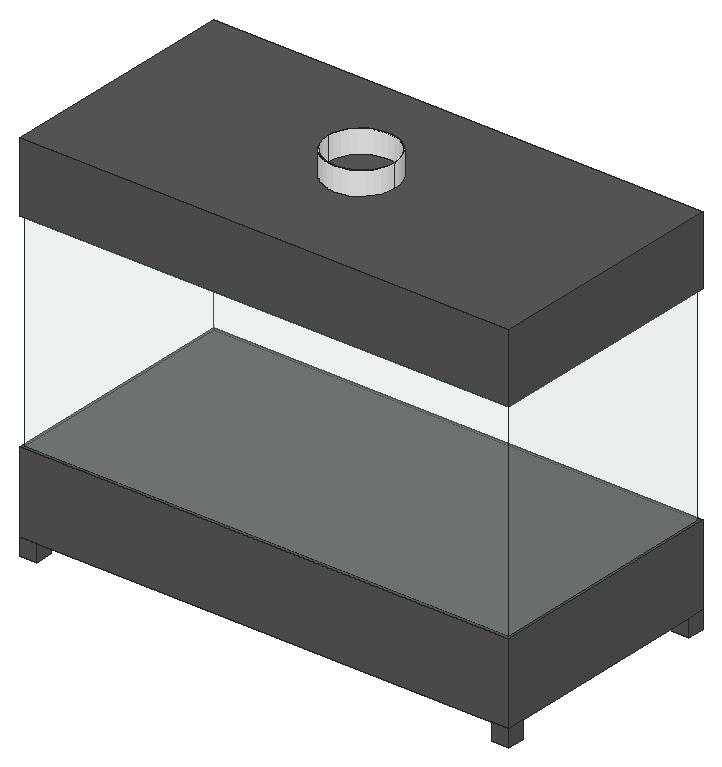
Revit family "C4W7 - LOG - 85_42", category Generic Models, host Face, Revit 2019
Family settings
  Host = Face
  Can host rebar = No
  Round Connector Dimension = Use Diameter
  Part Type = Normal
  Cut with Voids When Loaded = Yes
  Shared = Yes
  Room Calculation Point = No
Parameters (values of type "As Specified")
  URL = "https://www.montigo.com/"
  Manufacturer Website = "https://www.montigo.com/"
  Manufacturer Phone - Toll Free = "800-378-3115"
  Manufacturer Phone = ""
  Manufacturer Fax = ""
  Manufacturer Address = "27342 Gloucester Way  Langley, BC, Canada   V4W 4A1"
  Manufacturer = "Montigo"
  Length = 85"
  Width = 42"
  Height = 65"
  Glazing Tint = Glass - Montigo - Tint as Specified
  Frame Material = Metal - Montigo - Black
  Firebox Material = Metal - Montigo - White
  Fire Place - Opening = 36"
  Description = "Montigo Fireplace as Specified"
  Default Elevation = 48"
  Base Height = 17"
  Assembly Code = "D3020"
Reference planes (in)
  plane 1 "Center (Front/Back)": y = 0
  plane 2: z = 0
  plane 3 "Center (Left/Right)": x = 0
  plane 4: x = 42.5
  plane 5: y = 21
  plane 6: y = -21
  plane 7: z = 0
  plane 8: x = -42.5
  plane 9: z = 3
  plane 10: z = 17
  plane 11: z = 53
  plane 12: z = 65
Forms (in)
  Extrusion 1, solid, material "Metal - Montigo - Black" <- "Frame Material"
    sketch origin (-60.41868, -180, 0) x (-1, 0, 0) y (0, -1, 0)
      loop
        line (-17.91868, -201) -> (-17.91868, -159) -> (-102.91868, -159) -> (-102.91868, -201) -> (-17.91868, -201)
    from 3 to 17
  Extrusion 2, solid, material "Metal - Montigo - Black" <- "Frame Material"
    sketch origin (-60.41868, -180, 0) x (-1, 0, 0) y (0, -1, 0)
      loop
        line (-17.91868, -201) -> (-17.91868, -198) -> (-20.91868, -198) -> (-20.91868, -201) -> (-17.91868, -201)
      loop
        line (-99.91868, -201) -> (-99.91868, -198) -> (-102.91868, -198) -> (-102.91868, -201) -> (-99.91868, -201)
      loop
        line (-99.91868, -162) -> (-99.91868, -159) -> (-102.91868, -159) -> (-102.91868, -162) -> (-99.91868, -162)
      loop
        line (-17.91868, -162) -> (-17.91868, -159) -> (-20.91868, -159) -> (-20.91868, -162) -> (-17.91868, -162)
    from 0 to 3
  Extrusion 3, solid
    sketch origin (-60.41868, -180, 0) x (-1, 0, 0) y (0, -1, 0)
      loop
        line (-95.41868, -192.5) -> (-95.41868, -189.5) -> (-98.41868, -189.5) -> (-98.41868, -192.5) -> (-95.41868, -192.5)
      loop
        line (-95.41868, -170.5) -> (-95.41868, -167.5) -> (-98.41868, -167.5) -> (-98.41868, -170.5) -> (-95.41868, -170.5)
    from 2 to 3
  Extrusion 4, solid, material "Metal - Montigo - Black" <- "Frame Material"
    sketch origin (-60.41868, -180, 0) x (-1, 0, 0) y (0, -1, 0)
      loop
        line (-17.91868, -201) -> (-17.91868, -159) -> (-102.91868, -159) -> (-102.91868, -201) -> (-17.91868, -201)
    from 53 to 65
  Extrusion 5, solid, material "Glass - Montigo - Tint as Specified" <- "Glazing Tint"
    sketch origin (-60.41868, -180, 0) x (-1, 0, 0) y (0, -1, 0)
      loop
        line (-18.35618, -200.5625) -> (-18.35618, -159.4375) -> (-102.48118, -159.4375) -> (-102.48118, -200.5625) -> (-18.35618, -200.5625)
    from 17 to 53
Dimensions and locks (in)
  equal spacing: plane 6, plane 1 "Center (Front/Back)", plane 5
  "Width": plane 6 to plane 5
  "Length": plane 8 to plane 4
  equal spacing: plane 8, plane 3 "Center (Left/Right)", plane 4
  locked: plane 8 to Extrusion 2 sketch curve at 3  (x2)
  locked: Extrusion 2 sketch curve to plane 5 at 3  (x2)
  locked: Extrusion 2 sketch curve to plane 4 at 3  (x2)
  locked: plane 6 to Extrusion 2 sketch curve at 3  (x2)
  Extrusion 3 sketch curve to Extrusion 3 sketch curve to plane 4 = 3" locked, 4 1/2" locked  (x2)
  plane 6 to Extrusion 3 sketch curve to Extrusion 3 sketch curve = 8 1/2" locked, 3" locked
  Extrusion 3 sketch curve to Extrusion 3 sketch curve to plane 5 = 3" locked, 8 1/2" locked
  locked: plane 9 to plane 7 at 3
  locked: Extrusion 3 to level at 2
  "Base Height": plane 10 to plane 7
  "Height": plane 12 to plane 7
  "Fire Place - Opening": plane 11 to plane 10
  locked: plane 8 to Extrusion 5 sketch curve at 0.4375
  locked: Extrusion 5 sketch curve to plane 4 at 0.4375
  locked: Extrusion 5 sketch curve to plane 5 at 0.4375
  locked: plane 6 to Extrusion 5 sketch curve at 0.4375
  plane 12 to plane 11 = 12"
  aligned and locked: plane 2 to host face
  aligned and locked: level to host face
  aligned and locked: plane 7 to level
  aligned and locked: Extrusion 1 sketch curve to plane 6
  aligned and locked: Extrusion 1 sketch curve to plane 4
  aligned and locked: plane 5 to Extrusion 1 sketch curve
  aligned and locked: Extrusion 1 sketch curve to plane 8
  aligned and locked: Extrusion 2 sketch curve to plane 8  (x2)
  aligned and locked: Extrusion 2 sketch curve to plane 6  (x2)
  aligned and locked: plane 5 to Extrusion 2 sketch curve  (x2)
  aligned and locked: Extrusion 2 sketch curve to plane 4
  aligned and locked: Extrusion 1 to plane 9
  aligned and locked: plane 10 to Extrusion 1
  aligned and locked: Extrusion 2 to Extrusion 1
  aligned and locked: Extrusion 3 to Extrusion 1
  aligned and locked: plane 12 to Extrusion 4
  aligned and locked: Extrusion 4 to plane 11
  aligned and locked: Extrusion 5 to plane 10
  aligned and locked: plane 11 to Extrusion 5
  aligned and locked: nested 1 to plane 1 "Center (Front/Back)"
  aligned and locked: nested 1 to plane 3 "Center (Left/Right)"
Automatic sketch dimensions
  host sketch curve to host sketch curve = 96"  (x2)
  Extrusion 2 sketch curve to plane 4 = 0"
  Extrusion 4 sketch curve to plane 4 = 0"
  plane 6 to Extrusion 4 sketch curve = 0"
  Extrusion 4 sketch curve to plane 8 = 0"
  plane 5 to Extrusion 4 sketch curve = 0"
Nested families (in)
  nested 1: "Duct Dia" at (0, 0, 65) x (-1, 0, 0) z (0, 0, 1), type "11 3/4" Dia"
Connectors (in)
  hvac at (0, 0, 69)
    settings: on nested 1, index 1, duct flow 0 CFM, flow factor 0, pres drop 0.00 in-wg, loss coef 0, conn angle 0.00°, conn width 12", conn height 12", conn diameter 11 3/4", duct sys type 3, conn prof type 0, flow config 0, flow direction 0, loss method 0, conn ref index -1, conn util no, is conn primary yes, conn desc ""
Definition of nested family "Duct Dia"
  Parameters (values of type "15 7/8" Dia.")
    Intake Duct Dia = 15 7/8"
    Intake Diameter = Intake Duct Dia - 1/8"  # 15 3/4"
    Height = 4"
    Firebox Material = none
    Default Elevation = 48"
  Types (12): name | Intake Duct Dia | Intake Diameter | Height
    9 7/8" Dia. | 9 7/8" | 9 3/4" | 4"
    7 7/8" Dia | 7 7/8" | 7 3/4" | 4"
    8 1/8" Dia | 8 1/8" | 8" | 1/4"
    11 3/4" Dia | 11 3/4" | 11 5/8" | 4"
    4" Dia | 10" | 9 7/8" | 4"
    7 3/4" Dia | 7 3/4" | 7 5/8" | 4"
    6 7/8" Dia | 6 7/8" | 6 3/4" | 1/4"
    9 3/4" Dia. | 9 3/4" | 9 5/8" | 4"
    7 1/8" Dia | 7 1/8" | 7" | 1/4"
    11 7/8" Dia. | 11 7/8" | 11 3/4" | 4"
    13 7/8" Dia. | 13 7/8" | 13 3/4" | 4"
    15 7/8" Dia. | 15 7/8" | 15 3/4" | 4"
  Reference planes (in)
    plane 1 "Center (Front/Back)": y = 0
    plane 2: z = 0
    plane 3 "Center (Left/Right)": x = 0
    plane 4: z = 4
  Forms (in)
    Extrusion 1, solid
      sketch origin (0, 0, 0) x (1, 0, 0) y (0, 1, 0)
        loop
          line (-48, 48) -> (-48, -48) -> (48, -48) -> (48, 48) -> (-48, 48)
      from 0 to -12
    Extrusion 2, solid, material <- "Firebox Material"
      sketch origin (0, 0, 0) x (1, 0, 0) y (0, 1, 0)
        loop
          circle (0, 0) r 7.9375
        loop
          circle (0, 0) r 7.875
      from 0 to 4
  Dimensions and locks (in)
    "Height": plane 4 to level
    "Intake Duct Dia": diameter of Extrusion 2 sketch curve
    "Intake Diameter": diameter of Extrusion 2 sketch curve
    aligned and locked: plane 2 to Extrusion 1
    aligned and locked: level to Extrusion 1
    aligned and locked: plane 4 to Extrusion 2
  Automatic sketch dimensions
    Extrusion 1 sketch curve to Extrusion 1 sketch curve = 96"  (x2)
    Extrusion 2 sketch curve to Extrusion 2 sketch curve = 0"  (x2)
    plane 1 "Center (Front/Back)" to Extrusion 2 sketch curve = 0"
    Extrusion 2 sketch curve to plane 3 "Center (Left/Right)" = 0"
